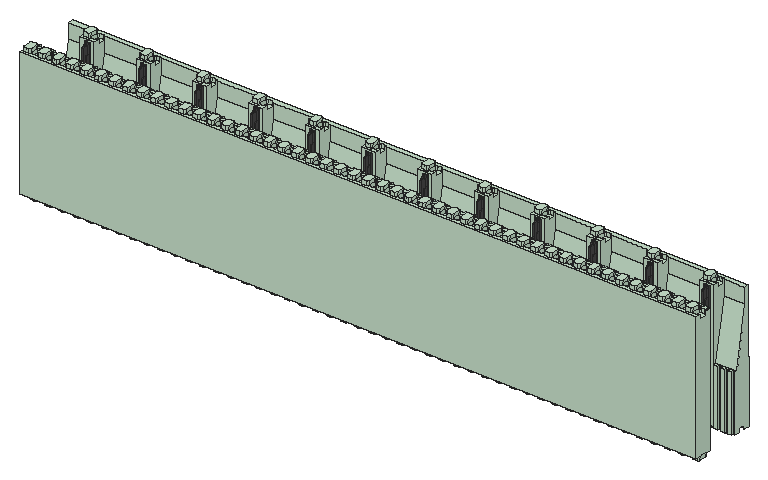
Revit family (continued)
Definition of nested family "NUDURA Diamond Pattern"
  Lines and regions (in)
    model lines
      curve 103: arc (3.44206, -5.625, 8.42678) -> (3.36884, -5.625, 8.25) -> (3.44206, -5.625, 8.07322) r 0.25
      curve 104: line (3.44206, -5.625, 8.07322) -> (3.81706, -5.625, 7.69822)
      curve 105: arc (3.81706, -5.625, 7.69822) -> (3.99384, -5.625, 7.625) -> (4.17062, -5.625, 7.69822) r 0.25
      curve 106: line (4.17062, -5.625, 7.69822) -> (4.54562, -5.625, 8.07322)
      curve 107: arc (4.54562, -5.625, 8.07322) -> (4.61884, -5.625, 8.25) -> (4.54562, -5.625, 8.42678) r 0.25
      curve 108: line (4.54562, -5.625, 8.42678) -> (4.17062, -5.625, 8.80178)
      curve 109: arc (3.69709, -5.625, 7.35858) -> (3.75567, -5.625, 7.5) -> (3.69709, -5.625, 7.64142) r 0.2
      curve 110: line (4.634, -5.625, 7.01517) -> (4.29059, -5.625, 7.35858)
      curve 111: arc (4.634, -5.625, 6.48484) -> (4.74384, -5.625, 6.75) -> (4.634, -5.625, 7.01517) r 0.375
      curve 112: line (4.29059, -5.625, 6.14142) -> (4.634, -5.625, 6.48484)
      curve 113: line (3.35367, -5.625, 6.48484) -> (3.69709, -5.625, 6.14142)
      curve 114: arc (3.35367, -5.625, 7.01517) -> (3.24384, -5.625, 6.75) -> (3.35367, -5.625, 6.48484) r 0.375
      curve 115: line (3.69709, -5.625, 7.35858) -> (3.35367, -5.625, 7.01517)
      curve 116: arc (4.17062, -5.625, 7.30178) -> (3.99384, -5.625, 7.375) -> (3.81706, -5.625, 7.30178) r 0.25
      curve 117: line (3.81706, -5.625, 7.30178) -> (3.44206, -5.625, 6.92678)
      curve 118: arc (3.44206, -5.625, 6.92678) -> (3.36884, -5.625, 6.75) -> (3.44206, -5.625, 6.57322) r 0.25
      curve 119: line (3.44206, -5.625, 6.57322) -> (3.81706, -5.625, 6.19822)
      curve 120: arc (3.81706, -5.625, 6.19822) -> (3.99384, -5.625, 6.125) -> (4.17062, -5.625, 6.19822) r 0.25
      curve 121: line (4.17062, -5.625, 6.19822) -> (4.54562, -5.625, 6.57322)
      curve 122: arc (4.54562, -5.625, 6.57322) -> (4.61884, -5.625, 6.75) -> (4.54562, -5.625, 6.92678) r 0.25
      curve 123: line (4.54562, -5.625, 6.92678) -> (4.17062, -5.625, 7.30178)
      curve 124: arc (3.69709, -5.625, 5.85858) -> (3.75567, -5.625, 6) -> (3.69709, -5.625, 6.14142) r 0.2
      curve 125: line (4.634, -5.625, 5.51517) -> (4.29059, -5.625, 5.85858)
      curve 126: arc (4.634, -5.625, 4.98484) -> (4.74384, -5.625, 5.25) -> (4.634, -5.625, 5.51517) r 0.375
      curve 127: line (4.29059, -5.625, 4.64142) -> (4.634, -5.625, 4.98484)
      curve 128: line (3.35367, -5.625, 4.98484) -> (3.69709, -5.625, 4.64142)
      curve 129: arc (3.35367, -5.625, 5.51517) -> (3.24384, -5.625, 5.25) -> (3.35367, -5.625, 4.98484) r 0.375
      curve 130: line (3.69709, -5.625, 5.85858) -> (3.35367, -5.625, 5.51517)
      curve 131: arc (4.17062, -5.625, 5.80178) -> (3.99384, -5.625, 5.875) -> (3.81706, -5.625, 5.80178) r 0.25
      curve 132: line (3.81706, -5.625, 5.80178) -> (3.44206, -5.625, 5.42678)
      curve 133: arc (3.44206, -5.625, 5.42678) -> (3.36884, -5.625, 5.25) -> (3.44206, -5.625, 5.07322) r 0.25
      curve 134: line (3.44206, -5.625, 5.07322) -> (3.81706, -5.625, 4.69822)
      curve 135: arc (3.81706, -5.625, 4.69822) -> (3.99384, -5.625, 4.625) -> (4.17062, -5.625, 4.69822) r 0.25
      curve 136: line (4.17062, -5.625, 4.69822) -> (4.54562, -5.625, 5.07322)
      curve 137: arc (4.54562, -5.625, 5.07322) -> (4.61884, -5.625, 5.25) -> (4.54562, -5.625, 5.42678) r 0.25
      curve 138: line (4.54562, -5.625, 5.42678) -> (4.17062, -5.625, 5.80178)
      curve 139: arc (3.69709, -5.625, 4.35858) -> (3.75567, -5.625, 4.5) -> (3.69709, -5.625, 4.64142) r 0.2
      curve 140: line (4.634, -5.625, 4.01517) -> (4.29059, -5.625, 4.35858)
      curve 141: arc (4.634, -5.625, 3.48484) -> (4.74384, -5.625, 3.75) -> (4.634, -5.625, 4.01517) r 0.375
      curve 142: line (4.29059, -5.625, 3.14142) -> (4.634, -5.625, 3.48484)
      curve 143: line (3.35367, -5.625, 3.48484) -> (3.69709, -5.625, 3.14142)
      curve 144: arc (3.35367, -5.625, 4.01517) -> (3.24384, -5.625, 3.75) -> (3.35367, -5.625, 3.48484) r 0.375
      curve 145: line (3.69709, -5.625, 4.35858) -> (3.35367, -5.625, 4.01517)
      curve 146: arc (4.17062, -5.625, 4.30178) -> (3.99384, -5.625, 4.375) -> (3.81706, -5.625, 4.30178) r 0.25
      curve 147: line (3.81706, -5.625, 4.30178) -> (3.44206, -5.625, 3.92678)
      curve 148: arc (3.44206, -5.625, 3.92678) -> (3.36884, -5.625, 3.75) -> (3.44206, -5.625, 3.57322) r 0.25
      curve 149: line (3.44206, -5.625, 3.57322) -> (3.81706, -5.625, 3.19822)
      curve 150: arc (3.81706, -5.625, 3.19822) -> (3.99384, -5.625, 3.125) -> (4.17062, -5.625, 3.19822) r 0.25
      curve 151: line (4.17062, -5.625, 3.19822) -> (4.54562, -5.625, 3.57322)
      curve 152: arc (4.54562, -5.625, 3.57322) -> (4.61884, -5.625, 3.75) -> (4.54562, -5.625, 3.92678) r 0.25
      curve 153: line (4.54562, -5.625, 3.92678) -> (4.17062, -5.625, 4.30178)
      curve 154: arc (3.69709, -5.625, 2.85858) -> (3.75567, -5.625, 3) -> (3.69709, -5.625, 3.14142) r 0.2
      curve 155: line (4.634, -5.625, 2.51517) -> (4.29059, -5.625, 2.85858)
      curve 156: arc (4.634, -5.625, 1.98484) -> (4.74384, -5.625, 2.25) -> (4.634, -5.625, 2.51517) r 0.375
      curve 157: line (4.29059, -5.625, 1.64142) -> (4.634, -5.625, 1.98484)
      curve 158: line (3.35367, -5.625, 1.98484) -> (3.69709, -5.625, 1.64142)
      curve 159: arc (3.35367, -5.625, 2.51517) -> (3.24384, -5.625, 2.25) -> (3.35367, -5.625, 1.98484) r 0.375
      curve 160: line (3.69709, -5.625, 2.85858) -> (3.35367, -5.625, 2.51517)
      curve 161: arc (4.17062, -5.625, 2.80178) -> (3.99384, -5.625, 2.875) -> (3.81706, -5.625, 2.80178) r 0.25
      curve 162: line (3.81706, -5.625, 2.80178) -> (3.44206, -5.625, 2.42678)
      curve 163: arc (3.44206, -5.625, 2.42678) -> (3.36884, -5.625, 2.25) -> (3.44206, -5.625, 2.07322) r 0.25
      curve 164: line (3.44206, -5.625, 2.07322) -> (3.81706, -5.625, 1.69822)
      curve 165: arc (3.81706, -5.625, 1.69822) -> (3.99384, -5.625, 1.625) -> (4.17062, -5.625, 1.69822) r 0.25
      curve 166: line (4.17062, -5.625, 1.69822) -> (4.54562, -5.625, 2.07322)
      curve 167: arc (4.54562, -5.625, 2.07322) -> (4.61884, -5.625, 2.25) -> (4.54562, -5.625, 2.42678) r 0.25
      curve 168: line (4.54562, -5.625, 2.42678) -> (4.17062, -5.625, 2.80178)
      curve 169: arc (3.69709, -5.625, 1.35858) -> (3.75567, -5.625, 1.5) -> (3.69709, -5.625, 1.64142) r 0.2
      curve 170: line (3.69709, -5.625, 1.35858) -> (3.35367, -5.625, 1.01517)
      curve 171: arc (3.35367, -5.625, 1.01517) -> (3.24384, -5.625, 0.75) -> (3.35367, -5.625, 0.48484) r 0.375
      curve 172: line (3.35367, -5.625, 0.48484) -> (3.72867, -5.625, 0.10984)
      curve 173: arc (3.72867, -5.625, 0.10984) -> (3.99384, -5.625, 0) -> (4.259, -5.625, 0.10984) r 0.375
      curve 174: line (4.259, -5.625, 0.10984) -> (4.634, -5.625, 0.48484)
      curve 175: arc (4.634, -5.625, 0.48484) -> (4.74384, -5.625, 0.75) -> (4.634, -5.625, 1.01517) r 0.375
      curve 176: line (4.634, -5.625, 1.01517) -> (4.29059, -5.625, 1.35858)
      curve 177: arc (4.29059, -5.625, 1.64142) -> (4.23201, -5.625, 1.5) -> (4.29059, -5.625, 1.35858) r 0.2
      curve 178: arc (4.17062, -5.625, 1.30178) -> (3.99384, -5.625, 1.375) -> (3.81706, -5.625, 1.30178) r 0.25
      curve 179: line (4.54562, -5.625, 0.92678) -> (4.17062, -5.625, 1.30178)
      curve 180: arc (4.54562, -5.625, 0.57322) -> (4.61884, -5.625, 0.75) -> (4.54562, -5.625, 0.92678) r 0.25
      curve 181: line (4.17062, -5.625, 0.19822) -> (4.54562, -5.625, 0.57322)
      curve 182: arc (3.81706, -5.625, 0.19822) -> (3.99384, -5.625, 0.125) -> (4.17062, -5.625, 0.19822) r 0.25
      curve 183: line (3.44206, -5.625, 0.57322) -> (3.81706, -5.625, 0.19822)
      curve 184: arc (3.44206, -5.625, 0.92678) -> (3.36884, -5.625, 0.75) -> (3.44206, -5.625, 0.57322) r 0.25
      curve 185: line (3.81706, -5.625, 1.30178) -> (3.44206, -5.625, 0.92678)
      curve 186: arc (4.29059, -5.625, 3.14142) -> (4.23201, -5.625, 3) -> (4.29059, -5.625, 2.85858) r 0.2
      curve 187: arc (4.29059, -5.625, 4.64142) -> (4.23201, -5.625, 4.5) -> (4.29059, -5.625, 4.35858) r 0.2
      curve 188: arc (4.29059, -5.625, 6.14142) -> (4.23201, -5.625, 6) -> (4.29059, -5.625, 5.85858) r 0.2
      curve 189: arc (4.29059, -5.625, 7.64142) -> (4.23201, -5.625, 7.5) -> (4.29059, -5.625, 7.35858) r 0.2
      curve 190: arc (4.29059, -5.625, 9.14142) -> (4.23201, -5.625, 9) -> (4.29059, -5.625, 8.85858) r 0.2
      curve 191: arc (4.29059, -5.625, 10.64142) -> (4.23201, -5.625, 10.5) -> (4.29059, -5.625, 10.35858) r 0.2
      curve 192: arc (4.29059, -5.625, 12.14142) -> (4.23201, -5.625, 12) -> (4.29059, -5.625, 11.85858) r 0.2
      curve 193: arc (4.29059, -5.625, 13.64142) -> (4.23201, -5.625, 13.5) -> (4.29059, -5.625, 13.35858) r 0.2
      curve 194: arc (4.29059, -5.625, 15.14142) -> (4.23201, -5.625, 15) -> (4.29059, -5.625, 14.85858) r 0.2
      curve 195: arc (4.29059, -5.625, 16.64142) -> (4.23201, -5.625, 16.5) -> (4.29059, -5.625, 16.35858) r 0.2
Definition of nested family "NUDURA Logo Diamond"
  Reference planes (in)
    plane 1 "Center (Front/Back)": y = 0
    plane 2: z = 0
    plane 3 "Center (Left/Right)": x = 0
  Lines and regions (in)
    model lines
      curve 1: line (12.59848, 0, 17.50104) -> (12.24492, 0, 17.85459)
      curve 2: line (12.36113, 0, 16.76872) -> (12.59848, 0, 17.00607)
      curve 3: line (12.59848, 0, 16.00104) -> (12.36113, 0, 16.23839)
      curve 4: line (12.36113, 0, 15.26872) -> (12.59848, 0, 15.50607)
      curve 5: line (12.59848, 0, 14.50104) -> (12.36113, 0, 14.73839)
      curve 6: line (12.36113, 0, 13.76872) -> (12.59848, 0, 14.00607)
      curve 7: line (12.17421, 0, 13.28388) -> (12.71208, 0, 12.74602)
      curve 8: line (12.71208, 0, 12.74602) -> (12.78279, 0, 12.81673)
      curve 9: line (11.28279, 0, 12.74602) -> (11.82066, 0, 13.28388)
      curve 10: line (11.63374, 0, 13.23839) -> (11.21208, 0, 12.81673)
      curve 11: line (11.3964, 0, 14.00607) -> (11.63374, 0, 13.76872)
      curve 12: line (11.63374, 0, 14.73839) -> (11.3964, 0, 14.50104)
      curve 13: line (11.3964, 0, 15.50607) -> (11.63374, 0, 15.26872)
      curve 14: line (11.63374, 0, 16.23839) -> (11.3964, 0, 16.00104)
      curve 15: line (11.3964, 0, 17.00607) -> (11.63374, 0, 16.76872)
      curve 16: line (11.74995, 0, 17.85459) -> (11.3964, 0, 17.50104)
      curve 17: line (11.82066, 0, 17.78388) -> (11.46711, 0, 17.43033)
      curve 18: line (12.52777, 0, 17.43033) -> (12.17421, 0, 17.78388)
      curve 19: line (12.17421, 0, 16.72322) -> (12.52777, 0, 17.07678)
      curve 20: line (11.46711, 0, 17.07678) -> (11.82066, 0, 16.72322)
      curve 21: arc (11.3964, 0, 17.50104) -> (11.29388, 0, 17.25355) -> (11.3964, 0, 17.00607) r 0.35
      curve 22: arc (11.74995, 0, 17.85459) -> (11.99744, 0, 17.95711) -> (12.24492, 0, 17.85459) r 0.35
      curve 23: arc (11.46711, 0, 17.43033) -> (11.39388, 0, 17.25355) -> (11.46711, 0, 17.07678) r 0.25
      curve 24: arc (12.52777, 0, 17.43033) -> (12.60099, 0, 17.25355) -> (12.52777, 0, 17.07678) r 0.25
      curve 25: arc (12.17421, 0, 16.72322) -> (11.99744, 0, 16.65) -> (11.82066, 0, 16.72322) r 0.25
      curve 26: arc (11.82066, 0, 17.78388) -> (11.99744, 0, 17.85711) -> (12.17421, 0, 17.78388) r 0.25
      curve 27: arc (12.59848, 0, 17.50104) -> (12.70099, 0, 17.25355) -> (12.59848, 0, 17.00607) r 0.35
      curve 28: arc (11.63374, 0, 16.76872) -> (11.74358, 0, 16.50355) -> (11.63374, 0, 16.23839) r 0.375
      curve 29: arc (12.36113, 0, 16.76872) -> (12.2513, 0, 16.50355) -> (12.36113, 0, 16.23839) r 0.375
      curve 30: line (12.36113, 0, 15.26872) -> (12.59848, 0, 15.50607)
      curve 31: line (11.3964, 0, 15.50607) -> (11.63374, 0, 15.26872)
      curve 32: line (11.82066, 0, 16.28388) -> (11.46711, 0, 15.93033)
      curve 33: line (12.52777, 0, 15.93033) -> (12.17421, 0, 16.28388)
      curve 34: line (12.17421, 0, 15.22322) -> (12.52777, 0, 15.57678)
      curve 35: line (11.46711, 0, 15.57678) -> (11.82066, 0, 15.22322)
      curve 36: arc (11.3964, 0, 16.00104) -> (11.29388, 0, 15.75355) -> (11.3964, 0, 15.50607) r 0.35
      curve 37: arc (11.46711, 0, 15.93033) -> (11.39388, 0, 15.75355) -> (11.46711, 0, 15.57678) r 0.25
      curve 38: arc (12.52777, 0, 15.93033) -> (12.60099, 0, 15.75355) -> (12.52777, 0, 15.57678) r 0.25
      curve 39: arc (12.17421, 0, 15.22322) -> (11.99744, 0, 15.15) -> (11.82066, 0, 15.22322) r 0.25
      curve 40: arc (11.82066, 0, 16.28388) -> (11.99744, 0, 16.35711) -> (12.17421, 0, 16.28388) r 0.25
      curve 41: arc (12.59848, 0, 16.00104) -> (12.70099, 0, 15.75355) -> (12.59848, 0, 15.50607) r 0.35
      curve 42: line (11.63374, 0, 16.23839) -> (11.3964, 0, 16.00104)
      curve 43: line (12.59848, 0, 16.00104) -> (12.36113, 0, 16.23839)
      curve 44: arc (11.63374, 0, 15.26872) -> (11.74358, 0, 15.00355) -> (11.63374, 0, 14.73839) r 0.375
      curve 45: arc (12.36113, 0, 15.26872) -> (12.2513, 0, 15.00355) -> (12.36113, 0, 14.73839) r 0.375
      curve 46: line (12.36113, 0, 13.76872) -> (12.59848, 0, 14.00607)
      curve 47: line (11.3964, 0, 14.00607) -> (11.63374, 0, 13.76872)
      curve 48: line (11.82066, 0, 14.78388) -> (11.46711, 0, 14.43033)
      curve 49: line (12.52777, 0, 14.43033) -> (12.17421, 0, 14.78388)
      curve 50: line (12.17421, 0, 13.72322) -> (12.52777, 0, 14.07678)
      curve 51: line (11.46711, 0, 14.07678) -> (11.82066, 0, 13.72322)
      curve 52: arc (11.3964, 0, 14.50104) -> (11.29388, 0, 14.25355) -> (11.3964, 0, 14.00607) r 0.35
      curve 53: arc (11.46711, 0, 14.43033) -> (11.39388, 0, 14.25355) -> (11.46711, 0, 14.07678) r 0.25
      curve 54: arc (12.52777, 0, 14.43033) -> (12.60099, 0, 14.25355) -> (12.52777, 0, 14.07678) r 0.25
      curve 55: arc (12.17421, 0, 13.72322) -> (11.99744, 0, 13.65) -> (11.82066, 0, 13.72322) r 0.25
      curve 56: arc (11.82066, 0, 14.78388) -> (11.99744, 0, 14.85711) -> (12.17421, 0, 14.78388) r 0.25
      curve 57: arc (12.59848, 0, 14.50104) -> (12.70099, 0, 14.25355) -> (12.59848, 0, 14.00607) r 0.35
      curve 58: line (11.63374, 0, 14.73839) -> (11.3964, 0, 14.50104)
      curve 59: arc (11.63374, 0, 13.76872) -> (11.74358, 0, 13.50355) -> (11.63374, 0, 13.23839) r 0.375
      curve 60: arc (12.36113, 0, 13.76872) -> (12.2513, 0, 13.50355) -> (12.36113, 0, 13.23839) r 0.375
      curve 61: line (12.78279, 0, 12.81673) -> (12.36113, 0, 13.23839)
      curve 62: line (11.21208, 0, 12.81673) -> (11.28279, 0, 12.74602)
      curve 63: arc (11.82066, 0, 13.28388) -> (11.99744, 0, 13.35711) -> (12.17421, 0, 13.28388) r 0.25
      curve 64: line (12.59848, 0, 0.50607) -> (12.24492, 0, 0.15251)
      curve 65: line (12.36113, 0, 1.23839) -> (12.59848, 0, 1.00104)
      curve 66: line (12.59848, 0, 2.00607) -> (12.36113, 0, 1.76872)
      curve 67: line (12.36113, 0, 2.73839) -> (12.59848, 0, 2.50104)
      curve 68: line (12.59848, 0, 3.50607) -> (12.36113, 0, 3.26872)
      curve 69: line (12.36113, 0, 4.23839) -> (12.59848, 0, 4.00104)
      curve 70: line (12.17421, 0, 4.72322) -> (12.71208, 0, 5.26109)
      curve 71: line (12.71208, 0, 5.26109) -> (12.78279, 0, 5.19038)
      curve 72: line (11.28279, 0, 5.26109) -> (11.82066, 0, 4.72322)
      curve 73: line (11.63374, 0, 4.76872) -> (11.21208, 0, 5.19038)
      curve 74: line (11.3964, 0, 4.00104) -> (11.63374, 0, 4.23839)
      curve 75: line (11.63374, 0, 3.26872) -> (11.3964, 0, 3.50607)
      curve 76: line (11.3964, 0, 2.50104) -> (11.63374, 0, 2.73839)
      curve 77: line (11.63374, 0, 1.76872) -> (11.3964, 0, 2.00607)
      curve 78: line (11.3964, 0, 1.00104) -> (11.63374, 0, 1.23839)
      curve 79: line (11.74995, 0, 0.15251) -> (11.3964, 0, 0.50607)
      curve 80: line (11.82066, 0, 0.22322) -> (11.46711, 0, 0.57678)
      curve 81: line (12.52777, 0, 0.57678) -> (12.17421, 0, 0.22322)
      curve 82: line (12.17421, 0, 1.28388) -> (12.52777, 0, 0.93033)
      curve 83: line (11.46711, 0, 0.93033) -> (11.82066, 0, 1.28388)
      curve 84: arc (11.3964, 0, 0.50607) -> (11.29388, 0, 0.75355) -> (11.3964, 0, 1.00104) r 0.35
      curve 85: arc (11.74995, 0, 0.15251) -> (11.99744, 0, 0.05) -> (12.24492, 0, 0.15251) r 0.35
      curve 86: arc (11.46711, 0, 0.57678) -> (11.39388, 0, 0.75355) -> (11.46711, 0, 0.93033) r 0.25
      curve 87: arc (12.52777, 0, 0.57678) -> (12.60099, 0, 0.75355) -> (12.52777, 0, 0.93033) r 0.25
      curve 88: arc (12.17421, 0, 1.28388) -> (11.99744, 0, 1.35711) -> (11.82066, 0, 1.28388) r 0.25
      curve 89: arc (11.82066, 0, 0.22322) -> (11.99744, 0, 0.15) -> (12.17421, 0, 0.22322) r 0.25
      curve 90: arc (12.59848, 0, 0.50607) -> (12.70099, 0, 0.75355) -> (12.59848, 0, 1.00104) r 0.35
      curve 91: arc (11.63374, 0, 1.23839) -> (11.74358, 0, 1.50355) -> (11.63374, 0, 1.76872) r 0.375
      curve 92: arc (12.36113, 0, 1.23839) -> (12.2513, 0, 1.50355) -> (12.36113, 0, 1.76872) r 0.375
      curve 93: line (12.36113, 0, 2.73839) -> (12.59848, 0, 2.50104)
      curve 94: line (11.3964, 0, 2.50104) -> (11.63374, 0, 2.73839)
      curve 95: line (11.82066, 0, 1.72322) -> (11.46711, 0, 2.07678)
      curve 96: line (12.52777, 0, 2.07678) -> (12.17421, 0, 1.72322)
      curve 97: line (12.17421, 0, 2.78388) -> (12.52777, 0, 2.43033)
      curve 98: line (11.46711, 0, 2.43033) -> (11.82066, 0, 2.78388)
      curve 99: arc (11.3964, 0, 2.00607) -> (11.29388, 0, 2.25355) -> (11.3964, 0, 2.50104) r 0.35
      curve 100: arc (11.46711, 0, 2.07678) -> (11.39388, 0, 2.25355) -> (11.46711, 0, 2.43033) r 0.25
      curve 101: arc (12.52777, 0, 2.07678) -> (12.60099, 0, 2.25355) -> (12.52777, 0, 2.43033) r 0.25
      curve 102: arc (12.17421, 0, 2.78388) -> (11.99744, 0, 2.85711) -> (11.82066, 0, 2.78388) r 0.25
      curve 103: arc (11.82066, 0, 1.72322) -> (11.99744, 0, 1.65) -> (12.17421, 0, 1.72322) r 0.25
      curve 104: arc (12.59848, 0, 2.00607) -> (12.70099, 0, 2.25355) -> (12.59848, 0, 2.50104) r 0.35
      curve 105: line (11.63374, 0, 1.76872) -> (11.3964, 0, 2.00607)
      curve 106: line (12.59848, 0, 2.00607) -> (12.36113, 0, 1.76872)
      curve 107: arc (11.63374, 0, 2.73839) -> (11.74358, 0, 3.00355) -> (11.63374, 0, 3.26872) r 0.375
      curve 108: arc (12.36113, 0, 2.73839) -> (12.2513, 0, 3.00355) -> (12.36113, 0, 3.26872) r 0.375
      curve 109: line (12.36113, 0, 4.23839) -> (12.59848, 0, 4.00104)
      curve 110: line (11.3964, 0, 4.00104) -> (11.63374, 0, 4.23839)
      curve 111: line (11.82066, 0, 3.22322) -> (11.46711, 0, 3.57678)
      curve 112: line (12.52777, 0, 3.57678) -> (12.17421, 0, 3.22322)
      curve 113: line (12.17421, 0, 4.28388) -> (12.52777, 0, 3.93033)
      curve 114: line (11.46711, 0, 3.93033) -> (11.82066, 0, 4.28388)
      curve 115: arc (11.3964, 0, 3.50607) -> (11.29388, 0, 3.75355) -> (11.3964, 0, 4.00104) r 0.35
      curve 116: arc (11.46711, 0, 3.57678) -> (11.39388, 0, 3.75355) -> (11.46711, 0, 3.93033) r 0.25
      curve 117: arc (12.52777, 0, 3.57678) -> (12.60099, 0, 3.75355) -> (12.52777, 0, 3.93033) r 0.25
      curve 118: arc (12.17421, 0, 4.28388) -> (11.99744, 0, 4.35711) -> (11.82066, 0, 4.28388) r 0.25
      curve 119: arc (11.82066, 0, 3.22322) -> (11.99744, 0, 3.15) -> (12.17421, 0, 3.22322) r 0.25
      curve 120: arc (12.59848, 0, 3.50607) -> (12.70099, 0, 3.75355) -> (12.59848, 0, 4.00104) r 0.35
      curve 121: line (11.63374, 0, 3.26872) -> (11.3964, 0, 3.50607)
      curve 122: arc (11.63374, 0, 4.23839) -> (11.74358, 0, 4.50355) -> (11.63374, 0, 4.76872) r 0.375
      curve 123: arc (12.36113, 0, 4.23839) -> (12.2513, 0, 4.50355) -> (12.36113, 0, 4.76872) r 0.375
      curve 124: line (12.78279, 0, 5.19038) -> (12.36113, 0, 4.76872)
      curve 125: line (11.21208, 0, 5.19038) -> (11.28279, 0, 5.26109)
      curve 126: arc (11.82066, 0, 4.72322) -> (11.99744, 0, 4.65) -> (12.17421, 0, 4.72322) r 0.25
      curve 127: line (12.37244, 0, 12.50355) -> (11.62244, 0, 12.50355)
      curve 128: line (12.74744, 0, 5.87855) -> (12.74744, 0, 12.12855)
      curve 129: line (11.24744, 0, 12.12855) -> (11.24744, 0, 5.87855)
      curve 130: line (11.62244, 0, 5.50355) -> (12.37244, 0, 5.50355)
      curve 131: line (12.47232, 0, 12.00355) -> (12.0393, 0, 12.25355)
      curve 132: line (12.47232, 0, 11.50355) -> (12.47232, 0, 12.00355)
      curve 133: line (12.25581, 0, 11.37855) -> (12.47232, 0, 11.50355)
      curve 134: line (12.02256, 0, 11.51322) -> (12.25581, 0, 11.37855)
      curve 135: line (12.22232, 0, 11.62855) -> (12.02256, 0, 11.51322)
      curve 136: line (11.80605, 0, 12.11888) -> (12.22232, 0, 11.87855)
      curve 137: line (12.22232, 0, 11.87855) -> (12.22232, 0, 11.62855)
      curve 138: line (12.0393, 0, 12.25355) -> (11.80605, 0, 12.11888)
      curve 139: line (11.77256, 0, 11.63822) -> (11.97232, 0, 11.75355)
      curve 140: line (11.97232, 0, 11.75355) -> (11.73906, 0, 11.88822)
      curve 141: line (11.73906, 0, 11.88822) -> (11.52256, 0, 11.76322)
      curve 142: line (11.52256, 0, 11.76322) -> (11.52256, 0, 11.26322)
      curve 143: line (11.77256, 0, 11.38822) -> (11.77256, 0, 11.63822)
      curve 144: line (12.18882, 0, 11.14789) -> (11.77256, 0, 11.38822)
      curve 145: line (11.95557, 0, 11.01322) -> (12.18882, 0, 11.14789)
      curve 146: line (11.52256, 0, 11.26322) -> (11.95557, 0, 11.01322)
      curve 147: line (12.31108, 0, 10.60411) -> (11.68379, 0, 10.74458)
      curve 148: line (11.68379, 0, 10.74458) -> (11.68379, 0, 10.51321)
      curve 149: line (11.68379, 0, 10.51321) -> (12.1295, 0, 10.41405)
      curve 150: line (12.1295, 0, 10.41405) -> (11.68379, 0, 10.27358)
      curve 151: line (11.68379, 0, 10.27358) -> (11.68379, 0, 9.8852)
      curve 152: line (11.68379, 0, 9.8852) -> (12.17077, 0, 9.77615)
      curve 153: line (12.17077, 0, 9.77615) -> (12.17077, 0, 9.74472)
      curve 154: line (12.17077, 0, 9.74472) -> (11.86146, 0, 9.80279)
      curve 155: line (11.68379, 0, 9.65536) -> (11.68379, 0, 9.35864)
      curve 156: line (12.07077, 0, 8.74385) -> (12.07077, 0, 8.99996)
      curve 157: line (12.07077, 0, 8.99996) -> (11.68379, 0, 9.08605)
      curve 158: line (11.68379, 0, 9.08605) -> (11.68379, 0, 8.47809)
      curve 159: line (11.91823, 0, 9.06589) -> (12.31108, 0, 8.97792)
      curve 160: line (11.82444, 0, 8.55476) -> (11.82444, 0, 8.79865)
      curve 161: line (11.82444, 0, 8.79865) -> (12.07077, 0, 8.74385)
      curve 162: line (11.68379, 0, 8.07193) -> (11.68379, 0, 7.77522)
      curve 163: line (11.91823, 0, 7.48247) -> (12.21108, 0, 7.41688)
      curve 164: line (12.21108, 0, 7.41688) -> (12.21108, 0, 6.95405)
      curve 165: line (12.16108, 0, 6.90405) -> (12.12077, 0, 6.90405)
      curve 166: line (12.07077, 0, 6.95405) -> (12.07077, 0, 7.08675)
      curve 167: line (12.07077, 0, 7.08675) -> (12.12077, 0, 7.07556)
      curve 168: line (12.12077, 0, 7.07556) -> (12.12077, 0, 7.33463)
      curve 169: line (12.12077, 0, 7.33463) -> (11.68379, 0, 7.43249)
      curve 170: line (11.68379, 0, 7.43249) -> (11.68379, 0, 7.17341)
      curve 171: line (11.68379, 0, 7.17341) -> (11.97077, 0, 7.10915)
      curve 172: line (11.97077, 0, 7.10915) -> (11.97077, 0, 6.99425)
      curve 173: line (11.92077, 0, 6.94425) -> (11.68379, 0, 6.94425)
      curve 174: line (11.68379, 0, 6.94425) -> (11.68379, 0, 6.45682)
      curve 175: line (11.68379, 0, 6.45682) -> (11.78284, 0, 6.38658)
      curve 176: line (11.78284, 0, 6.38658) -> (11.78284, 0, 6.05178)
      curve 177: line (12.12371, 0, 6.14486) -> (11.88284, 0, 6.31567)
      curve 178: line (11.88284, 0, 6.31567) -> (11.88284, 0, 6.07909)
      curve 179: line (11.88284, 0, 6.07909) -> (12.12371, 0, 6.14486)
      curve 180: line (11.78284, 0, 6.05178) -> (11.68379, 0, 6.02474)
      curve 181: line (11.68379, 0, 6.02474) -> (11.68379, 0, 5.75355)
      curve 182: line (11.68379, 0, 5.75355) -> (12.31108, 0, 5.92483)
      curve 183: line (12.31108, 0, 5.92483) -> (12.31108, 0, 6.28791)
      curve 184: line (12.31108, 0, 6.28791) -> (11.76249, 0, 6.67694)
      curve 185: line (11.76249, 0, 6.67694) -> (11.90321, 0, 6.67694)
      curve 186: line (12.31108, 0, 6.78674) -> (12.31108, 0, 7.63562)
      curve 187: line (12.31108, 0, 7.63562) -> (11.90258, 0, 7.7271)
      curve 188: line (11.82444, 0, 7.82469) -> (11.82444, 0, 7.92839)
      curve 189: line (11.88536, 0, 7.97718) -> (12.31108, 0, 7.88185)
      curve 190: line (12.31108, 0, 7.88185) -> (12.31108, 0, 8.13496)
      curve 191: line (12.31108, 0, 8.13496) -> (12.08042, 0, 8.17826)
      curve 192: line (12.31108, 0, 8.38353) -> (12.31108, 0, 8.9465)
      curve 193: line (12.31108, 0, 8.9465) -> (12.17077, 0, 8.97771)
      curve 194: line (12.17077, 0, 8.97771) -> (12.17077, 0, 8.55476)
      curve 195: line (12.31108, 0, 8.97792) -> (12.31108, 0, 9.21905)
      curve 196: line (12.31108, 0, 9.21905) -> (11.90258, 0, 9.31053)
      curve 197: line (11.82444, 0, 9.40811) -> (11.82444, 0, 9.51182)
      curve 198: line (11.87938, 0, 9.56195) -> (12.31108, 0, 9.46528)
      curve 199: line (12.31108, 0, 9.46528) -> (12.31108, 0, 9.98469)
      curve 200: line (12.31108, 0, 9.98469) -> (11.90664, 0, 10.07526)
      curve 201: line (11.90664, 0, 10.07526) -> (12.31108, 0, 10.20747)
      curve 202: line (12.31108, 0, 10.20747) -> (12.31108, 0, 10.60411)
      curve 203: arc (11.68379, 0, 9.65536) -> (11.73801, 0, 9.7708) -> (11.86146, 0, 9.80279) r 0.15
      curve 204: arc (11.68379, 0, 9.35864) -> (11.74962, 0, 9.17112) -> (11.91823, 0, 9.06589) r 0.3
      curve 205: arc (11.84417, 0, 8.22149) -> (11.72718, 0, 8.32679) -> (11.68379, 0, 8.47809) r 0.28547
      curve 206: arc (11.68379, 0, 8.07193) -> (11.73147, 0, 8.18158) -> (11.84417, 0, 8.22149) r 0.14992
      curve 207: arc (11.68379, 0, 7.77522) -> (11.74962, 0, 7.58769) -> (11.91823, 0, 7.48247) r 0.3
      curve 208: arc (11.82444, 0, 7.82469) -> (11.84638, 0, 7.76218) -> (11.90258, 0, 7.7271) r 0.1
      curve 209: arc (11.82444, 0, 7.92839) -> (11.84318, 0, 7.96742) -> (11.88536, 0, 7.97718) r 0.05
      curve 210: arc (12.12077, 0, 6.90405) -> (12.08541, 0, 6.91869) -> (12.07077, 0, 6.95405) r 0.05
      curve 211: arc (12.16108, 0, 6.90405) -> (12.19644, 0, 6.91869) -> (12.21108, 0, 6.95405) r 0.05
      curve 212: arc (11.97077, 0, 6.99425) -> (11.95612, 0, 6.95889) -> (11.92077, 0, 6.94425) r 0.05
      curve 213: arc (11.90321, 0, 6.67694) -> (11.96756, 0, 6.70069) -> (12.00104, 0, 6.76055) r 0.09904
      curve 214: arc (12.00104, 0, 6.76055) -> (12.1681, 0, 6.63117) -> (12.31108, 0, 6.78674) r 0.15613
      curve 215: arc (12.08042, 0, 8.17826) -> (12.24181, 0, 8.22914) -> (12.31108, 0, 8.38353) r 0.20667
      curve 216: arc (11.82444, 0, 8.55476) -> (11.9976, 0, 8.3816) -> (12.17077, 0, 8.55476) r 0.17317
      curve 217: arc (11.82444, 0, 9.40811) -> (11.84638, 0, 9.34561) -> (11.90258, 0, 9.31053) r 0.1
      curve 218: arc (11.82444, 0, 9.51182) -> (11.8459, 0, 9.55306) -> (11.892, 0, 9.55913) r 0.05034
      curve 219: arc (11.24744, 0, 12.12855) -> (11.35727, 0, 12.39372) -> (11.62244, 0, 12.50355) r 0.375
      curve 220: arc (12.37244, 0, 12.50355) -> (12.6376, 0, 12.39372) -> (12.74744, 0, 12.12855) r 0.375
      curve 221: arc (11.24744, 0, 5.87855) -> (11.35727, 0, 5.61339) -> (11.62244, 0, 5.50355) r 0.375
      curve 222: arc (12.37244, 0, 5.50355) -> (12.6376, 0, 5.61339) -> (12.74744, 0, 5.87855) r 0.375
      curve 223: line (9.99744, 0, 18) -> (9.99744, 0, 0)
      curve 224: line (13.99744, 0, 18) -> (13.99744, 0, 0)
      curve 225: line (15.99744, 0, 18) -> (15.99744, 0, 0)
